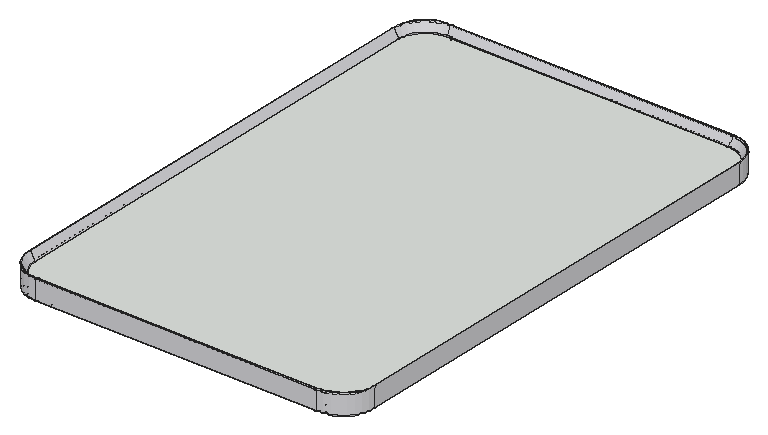
Revit family "Furniture-Mirror-KOHLER-Essential-K-31364_1", category Specialty Equipment, host Face, Revit 2022
Family settings
  Host = Face
  Round Connector Dimension = Use Diameter
  Part Type = Normal
  OmniClass Number = 23.21.37.13.15
  OmniClass Title = Mirrors
  Cut with Voids When Loaded = No
  Maintain Annotation Orientation = No
  Shared = No
  Room Calculation Point = No
Parameters (values of type "CPL-Polished Chrome")
  Width = 1 97/256"  # constant formula
  WaterSense Certified = 1 = 0  # no
  URL = "https://www.us.kohler.com/us/"
  Type = 1
  Product Page URL = "http://www.us.kohler.com/us/catalog/productDetails.jsp?productId= 31364"
  Product Name = "Essential"  # constant formula
  Product Documentation Link = "https://www.us.kohler.com/webassets/kpna/catalog/pdf/en/ K- 31364 spec_US-CA_Kohler_en.pdf"
  Model = if(Type = 1, "K-31364-CPL", if(Type = 2, "K-31364-BNL", if(Type = 3, "K-31364-BGL", if(Type = 4, "K-31364-BLL", "NA"))))  # "K-31364-CPL"
  Material = "Premium Metal Construction"  # constant formula
  Master Format 2014 Name = "Cabinet and Drawer Hardware"  # constant formula
  Master Format 2014 = "06 41 93"  # constant formula
  Manufacturer Address = "444 Highland Dr, Kohler, WI 53044"  # constant formula
  Manufacturer = "Kohler Co."  # constant formula
  Length = 24"  # constant formula
  Height = 36"  # constant formula
  Finish = KOHLER-Metal-CPL-Polished_Chrome
  Environmental Product Declaration = ""
  Description = "Rectangle Mirror 24inch x36inch"  # constant formula
  Default Elevation = 60"
  Declare Label = ""
  Date Modified = "07/01/2022"  # constant formula
  Date Created = "07/01/2022"  # constant formula
  Copyright = "Copyright Kohler Co."  # constant formula
  Contact Us = "https://www.us.kohler.com/us/static/contact.jsp"
  Assembly Code = "E20"
  ADA Compliant = 1 = 0  # no
Types (5): name | Type | Model | Finish
  (no name) | 1 | "K-31364-CPL" | KOHLER-Metal-CPL-Polished_Chrome
  CPL-Polished Chrome | 1 | "K-31364-CPL" | KOHLER-Metal-CPL-Polished_Chrome
  BNL-Brushed Nickel | 2 | "K-31364-BNL" | KOHLER-Metal-BNL-Brushed_Nickel
  BGL-Moderne Brushed Gold | 3 | "K-31364-BGL" | KOHLER-Metal-BGL-Moderne_Brushed_Gold
  BLL-Matte Black | 4 | "K-31364-BLL" | KOHLER-Metal-BLL-Matte_Black
Reference planes (in)
  plane 1 "Center (Front/Back)": y = 0
  plane 2: z = 0
  plane 3 "Center (Left/Right)": x = 0
  plane 4: y = 18
  plane 5: y = -18
  plane 6: x = 12
  plane 7: x = -12
  plane 8: z = 1.37891
Dimensions and locks (in)
  "Length": plane 7 to plane 6
  "Height": plane 4 to plane 5
  "Width": level to plane 8
  aligned and locked: plane 2 to host face
  aligned and locked: level to host face
  aligned and locked: plane 3 "Center (Left/Right)" to nested 1
  aligned and locked: plane 1 "Center (Front/Back)" to nested 1
Automatic sketch dimensions
  host sketch curve to host sketch curve = 96"  (x2)
Nested families (in)
  nested 1: "K-31364" at (0, 0, 0), type "K-31364"
Definition of nested family "K-31364"
  Parameters (values of type "K-31364")
    Material = none
    Default Elevation = 0"
  Reference planes (in)
    plane 1 "Center (Front/Back)": y = 0
    plane 2: z = 0
    plane 3 "Center (Left/Right)": x = 0
    plane 4: y = 18
    plane 5: y = -18
    plane 6: x = -12
    plane 7: x = 12
    plane 8: z = 1.37795
  Forms (in)
    Sweep 1, solid, material <- "Material", detail levels medium+fine
      path origin (0, 0, 0) x (1, 0, 0) y (0, 1, 0)
        loop
          line (9.83465, 18) -> (-9.76378, 18)
          arc (-9.76378, 18) -> (-11.34503, 17.34503) -> (-12, 15.76378) r 2.23622
          line (-12, 15.76378) -> (-12, -15.76378)
          arc (-12, -15.76378) -> (-11.34503, -17.34503) -> (-9.76378, -18) r 2.23622
          line (-9.76378, -18) -> (9.76378, -18)
          arc (9.76378, -18) -> (11.34503, -17.34503) -> (12, -15.76378) r 2.23622
          line (12, -15.76378) -> (12, 15.83465)
          arc (12, 15.83465) -> (11.36578, 17.36578) -> (9.83465, 18) r 2.16535
      profile origin (0, -18, 0) x (0, -1, 0) y (0, 0, 1)
        loop
          line (-0.05383, 0) -> (-0.02078, 0)
          arc (-0.02078, 0) -> (-0.00609, 0.00609) -> (0, 0.02078) r 0.02078
          line (0, 0.02078) -> (0, 1.35689)
          arc (0, 1.35689) -> (-0.00617, 1.37178) -> (-0.02107, 1.37795) r 0.02107
          line (-0.02107, 1.37795) -> (-0.05287, 1.37795)
          arc (-0.05287, 1.37795) -> (-0.06758, 1.37395) -> (-0.07823, 1.36304) r 0.02902
          line (-0.07823, 1.36304) -> (-0.3825, 0.81641)
          arc (-0.3825, 0.81641) -> (-0.38227, 0.79718) -> (-0.36558, 0.78763) r 0.01936
          line (-0.36558, 0.78763) -> (-0.20669, 0.78763) -> (-0.14377, 0.90562) -> (-0.11093, 0.90562) -> (-0.11093, 0.6903)
          arc (-0.11093, 0.6903) -> (-0.10484, 0.67561) -> (-0.09015, 0.66952) r 0.02078
          line (-0.09015, 0.66952) -> (-0.04792, 0.66952) -> (-0.04792, 0.55141) -> (-0.08994, 0.55141)
          arc (-0.08994, 0.55141) -> (-0.10478, 0.54527) -> (-0.11093, 0.53042) r 0.02099
          line (-0.11093, 0.53042) -> (-0.11093, 0.47377)
          arc (-0.11093, 0.47377) -> (-0.10484, 0.45907) -> (-0.09015, 0.45299) r 0.02078
          line (-0.09015, 0.45299) -> (-0.04792, 0.45299) -> (-0.04792, 0.3349) -> (-0.08994, 0.3349)
          arc (-0.08994, 0.3349) -> (-0.10478, 0.32875) -> (-0.11093, 0.31391) r 0.02099
          line (-0.11093, 0.31391) -> (-0.11093, 0.25723)
          arc (-0.11093, 0.25723) -> (-0.10484, 0.24254) -> (-0.09015, 0.23645) r 0.02078
          line (-0.09015, 0.23645) -> (-0.04792, 0.23645) -> (-0.04792, 0.11834) -> (-0.08984, 0.11834)
          arc (-0.08984, 0.11834) -> (-0.10468, 0.11219) -> (-0.11082, 0.09735) r 0.02099
          line (-0.11082, 0.09735) -> (-0.11082, 0.02078)
          arc (-0.11082, 0.02078) -> (-0.10474, 0.00609) -> (-0.09004, 0) r 0.02078
          line (-0.09004, 0) -> (-0.05383, 0)
    Extrusion 2, solid, detail levels medium+fine
      sketch origin (0, 0, 0) x (1, 0, 0) y (0, 1, 0)
        loop
          arc (-9.65327, 17.68928) -> (-11.08142, 17.09772) -> (-11.67297, 15.66957) r 2.01971
          line (-11.67297, 15.66957) -> (-11.67297, -15.59873)
          arc (-11.67297, -15.59873) -> (-11.06067, -17.07697) -> (-9.58242, -17.68928) r 2.09055
          line (-9.58242, -17.68928) -> (9.65329, -17.68928)
          arc (9.65329, -17.68928) -> (11.08142, -17.09773) -> (11.67297, -15.6696) r 2.01969
          line (11.67297, -15.6696) -> (11.67297, 15.59873)
          arc (11.67297, 15.59873) -> (11.06067, 17.07697) -> (9.58242, 17.68928) r 2.09055
          line (9.58242, 17.68928) -> (-9.65327, 17.68928)
      from 0.63015 to 0.78763
    Extrusion 3, solid, material <- "Material", detail levels coarse
      sketch origin (0, 0, 0) x (1, 0, 0) y (0, 1, 0)
        loop
          line (12, 18) -> (-12, 18) -> (-12, -18) -> (12, -18) -> (12, 18)
        loop
          line (11.39844, 17.39844) -> (-11.39844, 17.39844) -> (-11.39844, -17.39844) -> (11.39844, -17.39844) -> (11.39844, 17.39844)
      from 0 to 1.37795
    Extrusion 4, solid, detail levels coarse
      sketch origin (0, 0, 0) x (1, 0, 0) y (0, 1, 0)
        loop
          line (11.39844, 17.39844) -> (-11.39844, 17.39844) -> (-11.39844, -17.39844) -> (11.39844, -17.39844) -> (11.39844, 17.39844)
      from 0.63015 to 0.78763
  Lines and regions (in)
    Masking region 1
      outline origin (0, 0, 0) x (1, 0, 0) y (0, 1, 0)
        loop
          line (9.7891, 18) -> (-9.77165, 18)
          arc (-9.77165, 18) -> (-11.34733, 17.34733) -> (-12, 15.77165) r 2.22835
          line (-12, 15.77165) -> (-12, -15.77165)
          arc (-12, -15.77165) -> (-11.34733, -17.34733) -> (-9.77165, -18) r 2.22835
          line (-9.77165, -18) -> (9.79066, -18)
          arc (9.79066, -18) -> (11.36524, -17.34779) -> (12.01745, -15.77322) r 2.22678
          line (12.01745, -15.77322) -> (12.01745, 15.77165)
          arc (12.01745, 15.77165) -> (11.36478, 17.34733) -> (9.7891, 18) r 2.22835
    Masking region 2
      outline origin (0, 0, 0) x (1, 0, 0) y (0, 0, 1)
        loop
          line (11.97638, 1.37795) -> (-11.97638, 1.37795)
          arc (-11.97638, 1.37795) -> (-11.99308, 1.37103) -> (-12, 1.35433) r 0.02362
          line (-12, 1.35433) -> (-12, 0.02362)
          arc (-12, 0.02362) -> (-11.99308, 0.00692) -> (-11.97638, 0) r 0.02362
          line (-11.97638, 0) -> (11.97638, 0)
          arc (11.97638, 0) -> (11.99308, 0.00692) -> (12, 0.02362) r 0.02362
          line (12, 0.02362) -> (12, 1.35433)
          arc (12, 1.35433) -> (11.99308, 1.37103) -> (11.97638, 1.37795) r 0.02362
    Masking region 3
      outline origin (0, 0, 0) x (0, 1, 0) y (0, 0, 1)
        loop
          line (17.97638, 1.37795) -> (-17.97638, 1.37795)
          arc (-17.97638, 1.37795) -> (-17.99308, 1.37103) -> (-18, 1.35433) r 0.02362
          line (-18, 1.35433) -> (-18, 0.02362)
          arc (-18, 0.02362) -> (-17.99308, 0.00692) -> (-17.97638, 0) r 0.02362
          line (-17.97638, 0) -> (17.97638, 0)
          arc (17.97638, 0) -> (17.99308, 0.00692) -> (18, 0.02362) r 0.02362
          line (18, 0.02362) -> (18, 1.35433)
          arc (18, 1.35433) -> (17.99308, 1.37103) -> (17.97638, 1.37795) r 0.02362
    symbolic lines, detail levels medium+fine
      curve 1: line (9.58242, 17.68928, 0) -> (-9.65327, 17.68928, 0)
      curve 2: arc (-9.65327, 17.68928, 0) -> (-11.08142, 17.09772, 0) -> (-11.67297, 15.66957, 0) r 2.01971
      curve 3: line (-11.67297, 15.66957, 0) -> (-11.67297, -15.59873, 0)
      curve 4: arc (11.67297, 15.59873, 0) -> (11.06067, 17.07697, 0) -> (9.58242, 17.68928, 0) r 2.09055
      curve 5: line (11.67297, -15.6696, 0) -> (11.67297, 15.59873, 0)
      curve 6: arc (9.65329, -17.68928, 0) -> (11.08142, -17.09773, 0) -> (11.67297, -15.6696, 0) r 2.01969
      curve 7: line (-9.58242, -17.68928, 0) -> (9.65329, -17.68928, 0)
      curve 8: arc (-11.67297, -15.59873, 0) -> (-11.06067, -17.07697, 0) -> (-9.58242, -17.68928, 0) r 2.09055
      curve 9: line (-11.67297, 15.66957, 0) -> (-11.67297, -15.59873, 0)
      curve 10: arc (-11.95208, -15.76378, 0) -> (-11.31114, -17.31114, 0) -> (-9.76378, -17.95208, 0) r 2.1883
      curve 11: line (9.76378, -17.95208, 0) -> (-9.76378, -17.95208, 0)
      curve 12: arc (9.76378, -17.95208, 0) -> (11.31114, -17.31114, 0) -> (11.95208, -15.76378, 0) r 2.1883
      curve 13: line (11.95208, 15.83465, 0) -> (11.95208, -15.76378, 0)
      curve 14: arc (11.95208, 15.83465, 0) -> (11.3319, 17.3319, 0) -> (9.83465, 17.95208, 0) r 2.11743
      curve 15: line (-9.76378, 17.95208, 0) -> (9.83465, 17.95208, 0)
      curve 16: arc (-9.76378, 17.95208, 0) -> (-11.31114, 17.31114, 0) -> (-11.95208, 15.76378, 0) r 2.1883
      curve 17: line (-11.95208, 15.76378, 0) -> (-11.95208, -15.76378, 0)
      curve 18: line (0, 18, 1.35433) -> (0, -18, 1.35433)
      curve 19: line (0, -18, 0.02362) -> (0, 18, 0.02362)
      curve 20: line (12, 0, 1.35433) -> (-12, 0, 1.35433)
      curve 21: line (-12, 0, 0.02362) -> (12, 0, 0.02362)
  Dimensions and locks (in)
    locked: plane 5 to plane 4 at 36
    locked: plane 6 to plane 7 at 24
    locked: plane 8 to level at 1.37795  (x2)
    locked: plane 4 to plane 5 at 36
    aligned and locked: plane 2 to level
